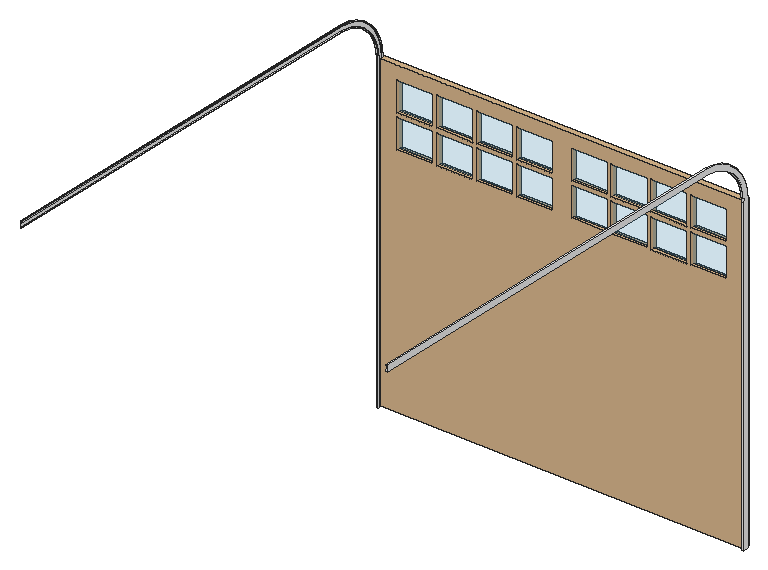
Revit family
Parameters (values of type "7Ft H x 8Ft W")
  Track Width = Width + 0' 2"  # 8' - 2"
  Track Height = Height + 1' 0"  # 8' - 0"
  Track Depth = 10' - 0"
  Track = Metal
  Thickness = 0' - 0"
  SmartBIM Object Version = 1  # constant formula
  SmartBIM Object Created By = "Reed Construction Data"  # constant formula
  Rough Height = 0' - 0"
  Panel Thickness = 0' - 1 1/2"
  Manufacturer = ""
  Height = 7' - 0"
  Wall Closure = (empty or 0)
  Width = 8' - 0"
  Door Glass = Glass
  Door = Wood
  Assembly Code = ""
  95 CSI = "08360"  # constant formula
  04 CSI = "08 36 13"  # constant formula
Types (2): name | Track Width | Track Depth | Thickness | Rough Height | Width
  7Ft H x 8Ft W | 8' - 2" | 10' - 0" | 0' - 0" | 0' - 0" | 8' - 0"
  7Ft H x 16Ft W | 16' - 2" | 8' - 0" | 0' - 4" | 0' - 4" | 16' - 0"
Reference planes (in)
  plane 1 "Center (Front/Back)": y = 0
  plane 2 "Center (Left/Right)": x = 0
  plane 3 "Left": x = -48
  plane 4 "Right": x = 48
  plane 5 "Top": z = 84
  plane 6: x = -49
  plane 7: x = 49
  plane 8: y = -2.5
  plane 9: z = 81
  plane 10: z = 63
  plane 11: x = -45
  plane 12: x = -34.25
  plane 13: x = -23.5
  plane 14: x = -2
  plane 15: x = -12.75
  plane 16: z = 72
  plane 17: x = 2
  plane 18: x = 45
  plane 19: x = 34.25
  plane 20: x = 23.5
  plane 21: x = 12.75
  plane 22: y = -2.5
  plane 23: y = -2.5
  plane 24 "Interior": y = -3.25
  plane 25 "Exterior": y = -1.75
  plane 26: y = -1.75
  plane 27: y = -3.25
  plane 28: y = -1.75
  plane 29: z = 34.5
  plane 30: z = 31.5
  plane 31: z = 33
  plane 32: z = 3
  plane 33: z = 62
  plane 34: z = 96
Forms (in)
  Extrusion 1, solid, material "Wood" <- "Door"
    sketch origin (0, 0, 0) x (1, 0, 0) y (0, 0, 1)
      loop
        line (-49, 84) -> (-49, 79.84334) -> (-49, 76.75) -> (-49, 62) -> (-49, 0) -> (49, 0) -> (49, 84) -> (-49, 84)
      loop
        line (-44.5, 80.5) -> (-44.5, 72.5) -> (-34.75, 72.5) -> (-34.75, 80.5) -> (-44.5, 80.5)
      loop
        line (-44.5, 63.5) -> (-34.75, 63.5) -> (-34.75, 71.5) -> (-44.5, 71.5) -> (-44.5, 63.5)
      loop
        line (-24, 80.5) -> (-33.75, 80.5) -> (-33.75, 72.5) -> (-24, 72.5) -> (-24, 80.5)
      loop
        line (-24, 63.5) -> (-24, 71.5) -> (-33.75, 71.5) -> (-33.75, 63.5) -> (-24, 63.5)
      loop
        line (-23, 80.5) -> (-23, 72.5) -> (-13.25, 72.5) -> (-13.25, 80.5) -> (-23, 80.5)
      loop
        line (-23, 63.5) -> (-13.25, 63.5) -> (-13.25, 71.5) -> (-23, 71.5) -> (-23, 63.5)
      loop
        line (-2.5, 80.5) -> (-12.25, 80.5) -> (-12.25, 72.5) -> (-2.5, 72.5) -> (-2.5, 80.5)
      loop
        line (-2.5, 63.5) -> (-2.5, 71.5) -> (-12.25, 71.5) -> (-12.25, 63.5) -> (-2.5, 63.5)
      loop
        line (44.5, 80.5) -> (34.75, 80.5) -> (34.75, 72.5) -> (44.5, 72.5) -> (44.5, 80.5)
      loop
        line (44.5, 63.5) -> (44.5, 71.5) -> (34.75, 71.5) -> (34.75, 63.5) -> (44.5, 63.5)
      loop
        line (24, 80.5) -> (24, 72.5) -> (33.75, 72.5) -> (33.75, 80.5) -> (24, 80.5)
      loop
        line (24, 63.5) -> (33.75, 63.5) -> (33.75, 71.5) -> (24, 71.5) -> (24, 63.5)
      loop
        line (23, 80.5) -> (13.25, 80.5) -> (13.25, 72.5) -> (23, 72.5) -> (23, 80.5)
      loop
        line (23, 63.5) -> (23, 71.5) -> (13.25, 71.5) -> (13.25, 63.5) -> (23, 63.5)
      loop
        line (2.5, 80.5) -> (2.5, 72.5) -> (12.25, 72.5) -> (12.25, 80.5) -> (2.5, 80.5)
      loop
        line (2.5, 63.5) -> (12.25, 63.5) -> (12.25, 71.5) -> (2.5, 71.5) -> (2.5, 63.5)
    from 1.75 to 3.25
  Extrusion 2, solid, material "Glass" <- "Door Glass"
    sketch origin (0, 0, 0) x (1, 0, 0) y (0, 0, 1)
      loop
        line (44.5, 80.5) -> (34.75, 80.5) -> (34.75, 72.5) -> (44.5, 72.5) -> (44.5, 80.5)
      loop
        line (44.5, 71.5) -> (34.75, 71.5) -> (34.75, 63.5) -> (44.5, 63.5) -> (44.5, 71.5)
      loop
        line (33.75, 71.5) -> (24, 71.5) -> (24, 63.5) -> (33.75, 63.5) -> (33.75, 71.5)
      loop
        line (33.75, 80.5) -> (24, 80.5) -> (24, 72.5) -> (33.75, 72.5) -> (33.75, 80.5)
      loop
        line (23, 80.5) -> (13.25, 80.5) -> (13.25, 72.5) -> (23, 72.5) -> (23, 80.5)
      loop
        line (23, 71.5) -> (13.25, 71.5) -> (13.25, 63.5) -> (23, 63.5) -> (23, 71.5)
      loop
        line (12.25, 71.5) -> (2.5, 71.5) -> (2.5, 63.5) -> (12.25, 63.5) -> (12.25, 71.5)
      loop
        line (12.25, 80.5) -> (2.5, 80.5) -> (2.5, 72.5) -> (12.25, 72.5) -> (12.25, 80.5)
      loop
        line (-2.5, 80.5) -> (-12.25, 80.5) -> (-12.25, 72.5) -> (-2.5, 72.5) -> (-2.5, 80.5)
      loop
        line (-2.5, 71.5) -> (-12.25, 71.5) -> (-12.25, 63.5) -> (-2.5, 63.5) -> (-2.5, 71.5)
      loop
        line (-13.25, 80.5) -> (-23, 80.5) -> (-23, 72.5) -> (-13.25, 72.5) -> (-13.25, 80.5)
      loop
        line (-13.25, 71.5) -> (-23, 71.5) -> (-23, 63.5) -> (-13.25, 63.5) -> (-13.25, 71.5)
      loop
        line (-24, 71.5) -> (-33.75, 71.5) -> (-33.75, 63.5) -> (-24, 63.5) -> (-24, 71.5)
      loop
        line (-24, 80.5) -> (-33.75, 80.5) -> (-33.75, 72.5) -> (-24, 72.5) -> (-24, 80.5)
      loop
        line (-34.75, 80.5) -> (-44.5, 80.5) -> (-44.5, 72.5) -> (-34.75, 72.5) -> (-34.75, 80.5)
      loop
        line (-34.75, 71.5) -> (-44.5, 71.5) -> (-44.5, 63.5) -> (-34.75, 63.5) -> (-34.75, 71.5)
    from 2.375 to 2.625
Lines and regions (in)
  Opening 1
    outline origin (-90, -1.75, 0) x (1, 0, 0) y (0, 0, 1)
      loop
        line (42, 0) -> (138, 0) -> (138, 84) -> (42, 84) -> (42, 0)
  model lines
    curve 1: line (44.5, -3.25, 3) -> (44.5, -3.25, 31.5)
    curve 2: line (34.75, -3.25, 3) -> (44.5, -3.25, 3)
    curve 3: line (34.75, -3.25, 62) -> (34.75, -3.25, 34.5)
    curve 4: line (34.75, -3.25, 63.5) -> (44.5, -3.25, 63.5)
    curve 5: line (34.75, -3.25, 71.5) -> (34.75, -3.25, 63.5)
    curve 6: line (44.5, -3.25, 71.5) -> (34.75, -3.25, 71.5)
    curve 7: line (34.75, -3.25, 72.5) -> (44.5, -3.25, 72.5)
    curve 8: line (34.75, -3.25, 80.5) -> (34.75, -3.25, 72.5)
    curve 9: line (44.5, -3.25, 80.5) -> (34.75, -3.25, 80.5)
    curve 10: line (33.75, -3.25, 80.5) -> (24, -3.25, 80.5)
    curve 11: line (33.75, -3.25, 72.5) -> (33.75, -3.25, 80.5)
    curve 12: line (24, -3.25, 72.5) -> (33.75, -3.25, 72.5)
    curve 13: line (24, -3.25, 80.5) -> (24, -3.25, 72.5)
    curve 14: line (33.75, -3.25, 71.5) -> (24, -3.25, 71.5)
    curve 15: line (33.75, -3.25, 63.5) -> (33.75, -3.25, 71.5)
    curve 16: line (24, -3.25, 63.5) -> (33.75, -3.25, 63.5)
    curve 17: line (24, -3.25, 71.5) -> (24, -3.25, 63.5)
    curve 18: line (33.75, -3.25, 3) -> (33.75, -3.25, 31.5)
    curve 19: line (24, -3.25, 62) -> (24, -3.25, 34.5)
    curve 20: line (24, -3.25, 3) -> (33.75, -3.25, 3)
    curve 21: line (13.25, -3.25, 3) -> (23, -3.25, 3)
    curve 22: line (23, -3.25, 3) -> (23, -3.25, 31.5)
    curve 23: line (13.25, -3.25, 62) -> (13.25, -3.25, 34.5)
    curve 24: line (13.25, -3.25, 63.5) -> (23, -3.25, 63.5)
    curve 25: line (23, -3.25, 63.5) -> (23, -3.25, 71.5)
    curve 26: line (23, -3.25, 71.5) -> (13.25, -3.25, 71.5)
    curve 27: line (13.25, -3.25, 71.5) -> (13.25, -3.25, 63.5)
    curve 28: line (13.25, -3.25, 72.5) -> (23, -3.25, 72.5)
    curve 29: line (23, -3.25, 72.5) -> (23, -3.25, 80.5)
    curve 30: line (23, -3.25, 80.5) -> (13.25, -3.25, 80.5)
    curve 31: line (45, -3.25, 81) -> (12.743, -3.25, 81)
    curve 32: line (13.25, -3.25, 80.5) -> (13.25, -3.25, 72.5)
    curve 33: line (12.743, -3.25, 81) -> (2, -3.25, 81)
    curve 34: line (12.25, -3.25, 80.5) -> (2.5, -3.25, 80.5)
    curve 35: line (12.25, -3.25, 72.5) -> (12.25, -3.25, 80.5)
    curve 36: line (2.5, -3.25, 80.5) -> (2.5, -3.25, 72.5)
    curve 37: line (2, -3.25, 63) -> (2, -3.25, 81)
    curve 38: line (2.5, -3.25, 71.5) -> (2.5, -3.25, 63.5)
    curve 39: line (2.5, -3.25, 72.5) -> (12.25, -3.25, 72.5)
    curve 40: line (12.25, -3.25, 71.5) -> (2.5, -3.25, 71.5)
    curve 41: line (12.25, -3.25, 63.5) -> (12.25, -3.25, 71.5)
    curve 42: line (2.5, -3.25, 63.5) -> (12.25, -3.25, 63.5)
    curve 43: line (45, -3.25, 63) -> (2, -3.25, 63)
    curve 44: line (12.25, -3.25, 3) -> (12.25, -3.25, 31.5)
    curve 45: line (2, -3.25, 3) -> (2, -3.25, 31.5)
    curve 46: line (2, -3.25, 3) -> (12.25, -3.25, 3)
    curve 47: line (-12.25, -3.25, 3) -> (-2, -3.25, 3)
    curve 48: line (-2, -3.25, 3) -> (-2, -3.25, 31.5)
    curve 49: line (-12.25, -3.25, 80.5) -> (-12.25, -3.25, 63.5)
    curve 50: line (-12.25, -3.25, 63.5) -> (-2.5, -3.25, 63.5)
    curve 51: line (-2.5, -3.25, 63.5) -> (-2.5, -3.25, 71.5)
    curve 52: line (-2, -3.25, 81) -> (-2, -3.25, 63)
    curve 53: line (-2.5, -3.25, 71.5) -> (-12.25, -3.25, 71.5)
    curve 54: line (-12.25, -3.25, 72.5) -> (-2.5, -3.25, 72.5)
    curve 55: line (-2.5, -3.25, 72.5) -> (-2.5, -3.25, 80.5)
    curve 56: line (-2.5, -3.25, 80.5) -> (-12.25, -3.25, 80.5)
    curve 57: line (-13.25, -3.25, 80.5) -> (-23, -3.25, 80.5)
    curve 58: line (-13.25, -3.25, 72.5) -> (-13.25, -3.25, 80.5)
    curve 59: line (-23, -3.25, 80.5) -> (-23, -3.25, 72.5)
    curve 60: line (-23, -3.25, 72.5) -> (-13.25, -3.25, 72.5)
    curve 61: line (-13.25, -3.25, 71.5) -> (-23, -3.25, 71.5)
    curve 62: line (-13.25, -3.25, 63.5) -> (-13.25, -3.25, 71.5)
    curve 63: line (-23, -3.25, 71.5) -> (-23, -3.25, 63.5)
    curve 64: line (-23, -3.25, 3) -> (-13.25, -3.25, 3)
    curve 65: line (-33.75, -3.25, 3) -> (-24, -3.25, 3)
    curve 66: line (-24, -3.25, 3) -> (-24, -3.25, 31.5)
    curve 67: line (-33.75, -3.25, 80.5) -> (-33.75, -3.25, 63.5)
    curve 68: line (-33.75, -3.25, 63.5) -> (-24, -3.25, 63.5)
    curve 69: line (-24, -3.25, 71.5) -> (-33.75, -3.25, 71.5)
    curve 70: line (-33.75, -3.25, 72.5) -> (-24, -3.25, 72.5)
    curve 71: line (-24, -3.25, 80.5) -> (-33.75, -3.25, 80.5)
    curve 72: line (-2, -3.25, 81) -> (-45, -3.25, 81)
    curve 73: line (-34.75, -3.25, 80.5) -> (-44.5, -3.25, 80.5)
    curve 74: line (-34.75, -3.25, 72.5) -> (-34.75, -3.25, 80.5)
    curve 75: line (-44.5, -3.25, 80.5) -> (-44.5, -3.25, 72.5)
    curve 76: line (-44.5, -3.25, 72.5) -> (-34.75, -3.25, 72.5)
    curve 77: line (-34.75, -3.25, 71.5) -> (-44.5, -3.25, 71.5)
    curve 78: line (-34.75, -3.25, 63.5) -> (-34.75, -3.25, 71.5)
    curve 79: line (-44.5, -3.25, 71.5) -> (-44.5, -3.25, 63.5)
    curve 80: line (-44.5, -3.25, 63.5) -> (-34.75, -3.25, 63.5)
    curve 81: line (-45, -3.25, 63) -> (-2, -3.25, 63)
    curve 82: line (-45, -3.25, 3) -> (-34.75, -3.25, 3)
    curve 83: line (-48, -3.25, 84) -> (49, -3.25, 84)
    curve 84: line (48, -3.25, 0) -> (-48, -3.25, 0)
    curve 85: line (-45, -3.25, 81) -> (-45, -3.25, 63)
    curve 86: line (-34.75, -3.25, 80.5) -> (-34.75, -3.25, 63.5)
    curve 87: line (-23, -3.25, 3) -> (-23, -3.25, 31.5)
    curve 88: line (-13.25, -3.25, 80.5) -> (-13.25, -3.25, 63.5)
    curve 89: line (48, -1.75, 0) -> (48, -1.75, 84)
    curve 90: line (-49, -1.75, 84) -> (49, -1.75, 84)
    curve 91: line (-48, -1.75, 84) -> (-48, -1.75, 0)
    curve 92: line (-34.75, -1.75, 80.5) -> (-44.5, -1.75, 80.5)
    curve 93: line (-44.5, -1.75, 80.5) -> (-44.5, -1.75, 72.5)
    curve 94: line (-44.5, -1.75, 72.5) -> (-34.75, -1.75, 72.5)
    curve 95: line (-34.75, -1.75, 72.5) -> (-34.75, -1.75, 80.5)
    curve 96: line (-34.75, -1.75, 71.5) -> (-44.5, -1.75, 71.5)
    curve 97: line (-44.5, -1.75, 71.5) -> (-44.5, -1.75, 63.5)
    curve 98: line (-44.5, -1.75, 63.5) -> (-34.75, -1.75, 63.5)
    curve 99: line (-34.75, -1.75, 63.5) -> (-34.75, -1.75, 71.5)
    curve 100: line (-45, -1.75, 3) -> (-34.75, -1.75, 3)
    curve 101: line (-33.75, -1.75, 80.5) -> (-33.75, -1.75, 72.5)
    curve 102: line (-33.75, -1.75, 3) -> (-24, -1.75, 3)
    curve 103: line (-24, -1.75, 3) -> (-24, -1.75, 31.5)
    curve 104: line (-33.75, -1.75, 63.5) -> (-24, -1.75, 63.5)
    curve 105: line (-24, -1.75, 71.5) -> (-33.75, -1.75, 71.5)
    curve 106: line (-33.75, -1.75, 72.5) -> (-24, -1.75, 72.5)
    curve 107: line (-24, -1.75, 80.5) -> (-33.75, -1.75, 80.5)
    curve 108: line (-13.25, -1.75, 80.5) -> (-23, -1.75, 80.5)
    curve 109: line (-23, -1.75, 80.5) -> (-23, -1.75, 72.5)
    curve 110: line (-23, -1.75, 72.5) -> (-13.25, -1.75, 72.5)
    curve 111: line (-13.25, -1.75, 72.5) -> (-13.25, -1.75, 80.5)
    curve 112: line (-13.25, -1.75, 71.5) -> (-23, -1.75, 71.5)
    curve 113: line (-23, -1.75, 71.5) -> (-23, -1.75, 63.5)
    curve 114: line (-23, -1.75, 63.5) -> (-13.25, -1.75, 63.5)
    curve 115: line (-13.25, -1.75, 63.5) -> (-13.25, -1.75, 71.5)
    curve 116: line (-23, -1.75, 3) -> (-13.25, -1.75, 3)
    curve 117: line (-12.25, -1.75, 3) -> (-2, -1.75, 3)
    curve 118: line (-12.25, -1.75, 80.5) -> (-12.25, -1.75, 72.5)
    curve 119: line (-2, -1.75, 3) -> (-2, -1.75, 31.5)
    curve 120: line (-45, -1.75, 63) -> (-2, -1.75, 63)
    curve 121: line (-12.25, -1.75, 63.5) -> (-2.5, -1.75, 63.5)
    curve 122: line (-2.5, -1.75, 63.5) -> (-2.5, -1.75, 71.5)
    curve 123: line (-2.5, -1.75, 71.5) -> (-12.25, -1.75, 71.5)
    curve 124: line (-12.25, -1.75, 72.5) -> (-2.5, -1.75, 72.5)
    curve 125: line (-2.5, -1.75, 72.5) -> (-2.5, -1.75, 80.5)
    curve 126: line (-2.5, -1.75, 80.5) -> (-12.25, -1.75, 80.5)
    curve 127: line (-2, -1.75, 81) -> (-45, -1.75, 81)
    curve 128: line (-2, -1.75, 81) -> (-2, -1.75, 63)
    curve 129: line (2, -1.75, 3) -> (2, -1.75, 31.5)
    curve 130: line (2, -1.75, 63) -> (45, -1.75, 63)
    curve 131: line (12.25, -1.75, 62) -> (12.25, -1.75, 34.5)
    curve 132: line (12.25, -1.75, 3) -> (2, -1.75, 3)
    curve 133: line (12.25, -1.75, 71.5) -> (2.5, -1.75, 71.5)
    curve 134: line (2.5, -1.75, 71.5) -> (2.5, -1.75, 63.5)
    curve 135: line (2.5, -1.75, 63.5) -> (12.25, -1.75, 63.5)
    curve 136: line (12.25, -1.75, 63.5) -> (12.25, -1.75, 71.5)
    curve 137: line (2.5, -1.75, 72.5) -> (12.25, -1.75, 72.5)
    curve 138: line (12.25, -1.75, 72.5) -> (12.25, -1.75, 80.5)
    curve 139: line (12.25, -1.75, 80.5) -> (2.5, -1.75, 80.5)
    curve 140: line (2.5, -1.75, 80.5) -> (2.5, -1.75, 72.5)
    curve 141: line (45, -1.75, 81) -> (2, -1.75, 81)
    curve 142: line (23, -1.75, 72.5) -> (23, -1.75, 80.5)
    curve 143: line (23, -1.75, 80.5) -> (13.25, -1.75, 80.5)
    curve 144: line (13.25, -1.75, 80.5) -> (13.25, -1.75, 72.5)
    curve 145: line (13.25, -1.75, 72.5) -> (23, -1.75, 72.5)
    curve 146: line (23, -1.75, 63.5) -> (23, -1.75, 71.5)
    curve 147: line (23, -1.75, 71.5) -> (13.25, -1.75, 71.5)
    curve 148: line (13.25, -1.75, 71.5) -> (13.25, -1.75, 63.5)
    curve 149: line (13.25, -1.75, 63.5) -> (23, -1.75, 63.5)
    curve 150: line (23, -1.75, 3) -> (23, -1.75, 31.5)
    curve 151: line (13.25, -1.75, 62) -> (13.25, -1.75, 34.5)
    curve 152: line (13.25, -1.75, 3) -> (23, -1.75, 3)
    curve 153: line (24, -1.75, 3) -> (33.75, -1.75, 3)
    curve 154: line (33.75, -1.75, 3) -> (33.75, -1.75, 31.5)
    curve 155: line (24, -1.75, 62) -> (24, -1.75, 34.5)
    curve 156: line (34.75, -1.75, 3) -> (44.5, -1.75, 3)
    curve 157: line (34.75, -1.75, 62) -> (34.75, -1.75, 34.5)
    curve 158: line (33.75, -1.75, 71.5) -> (24, -1.75, 71.5)
    curve 159: line (24, -1.75, 71.5) -> (24, -1.75, 63.5)
    curve 160: line (24, -1.75, 63.5) -> (33.75, -1.75, 63.5)
    curve 161: line (33.75, -1.75, 63.5) -> (33.75, -1.75, 71.5)
    curve 162: line (33.75, -1.75, 72.5) -> (33.75, -1.75, 80.5)
    curve 163: line (33.75, -1.75, 80.5) -> (24, -1.75, 80.5)
    curve 164: line (24, -1.75, 80.5) -> (24, -1.75, 72.5)
    curve 165: line (24, -1.75, 72.5) -> (33.75, -1.75, 72.5)
    curve 166: line (44.5, -1.75, 80.5) -> (34.75, -1.75, 80.5)
    curve 167: line (34.75, -1.75, 80.5) -> (34.75, -1.75, 72.5)
    curve 168: line (34.75, -1.75, 72.5) -> (44.5, -1.75, 72.5)
    curve 169: line (44.5, -1.75, 71.5) -> (34.75, -1.75, 71.5)
    curve 170: line (34.75, -1.75, 71.5) -> (34.75, -1.75, 63.5)
    curve 171: line (34.75, -1.75, 63.5) -> (44.5, -1.75, 63.5)
    curve 172: line (-13.25, -1.75, 80.5) -> (-13.25, -1.75, 72.5)
    curve 173: line (-23, -3.25, 3) -> (-23, -3.25, 31.5)
    curve 174: line (-23, -1.75, 3) -> (-23, -1.75, 31.5)
    curve 175: line (-34.75, -1.75, 80.5) -> (-34.75, -1.75, 72.5)
    curve 176: line (-45, -1.75, 3) -> (-45, -1.75, 31.5)
    curve 177: line (-12.25, -1.75, 71.5) -> (-12.25, -1.75, 63.5)
    curve 178: line (-13.25, -1.75, 71.5) -> (-13.25, -1.75, 63.5)
    curve 179: line (44.5, -1.75, 3) -> (44.5, -1.75, 31.5)
    curve 180: line (-12.25, -1.75, 62) -> (-12.25, -1.75, 34.5)
    curve 181: line (-13.25, -1.75, 62) -> (-13.25, -1.75, 34.5)
    curve 182: line (-23, -1.75, 63.5) -> (-23, -1.75, 71.5)
    curve 183: line (-24, -1.75, 63.5) -> (-24, -1.75, 71.5)
    curve 184: line (-33.75, -1.75, 62) -> (-33.75, -1.75, 34.5)
    curve 185: line (-34.75, -1.75, 62) -> (-34.75, -1.75, 34.5)
    curve 186: line (-23, -1.75, 72.5) -> (-23, -1.75, 80.5)
    curve 187: line (-24, -1.75, 72.5) -> (-24, -1.75, 80.5)
    curve 188: line (-33.75, -1.75, 71.5) -> (-33.75, -1.75, 63.5)
    curve 189: line (-34.75, -1.75, 71.5) -> (-34.75, -1.75, 63.5)
    curve 190: line (44.5, -1.75, 34.5) -> (34.75, -1.75, 34.5)
    curve 191: line (-45, -1.75, 31.5) -> (-34.75, -1.75, 31.5)
    curve 192: line (34.75, -1.75, 31.5) -> (34.75, -1.75, 3)
    curve 193: line (33.75, -1.75, 34.5) -> (33.75, -1.75, 62)
    curve 194: line (33.75, -1.75, 34.5) -> (24, -1.75, 34.5)
    curve 195: line (34.75, -1.75, 31.5) -> (44.5, -1.75, 31.5)
    curve 196: line (24, -1.75, 31.5) -> (33.75, -1.75, 31.5)
    curve 197: line (24, -1.75, 31.5) -> (24, -1.75, 3)
    curve 198: line (23, -1.75, 34.5) -> (23, -1.75, 62)
    curve 199: line (23, -1.75, 34.5) -> (13.25, -1.75, 34.5)
    curve 200: line (13.25, -1.75, 31.5) -> (13.25, -1.75, 3)
    curve 201: line (12.25, -1.75, 31.5) -> (12.25, -1.75, 3)
    curve 202: line (12.25, -1.75, 34.5) -> (2, -1.75, 34.5)
    curve 203: line (13.25, -1.75, 31.5) -> (23, -1.75, 31.5)
    curve 204: line (-2, -1.75, 34.5) -> (-12.25, -1.75, 34.5)
    curve 205: line (2, -1.75, 34.5) -> (2, -1.75, 62)
    curve 206: line (2, -1.75, 31.5) -> (12.25, -1.75, 31.5)
    curve 207: line (-2, -1.75, 34.5) -> (-2, -1.75, 62)
    curve 208: line (-12.25, -1.75, 31.5) -> (-12.25, -1.75, 3)
    curve 209: line (-13.25, -1.75, 31.5) -> (-13.25, -1.75, 3)
    curve 210: line (-13.25, -1.75, 34.5) -> (-23, -1.75, 34.5)
    curve 211: line (-12.25, -1.75, 31.5) -> (-2, -1.75, 31.5)
    curve 212: line (-23, -1.75, 34.5) -> (-23, -1.75, 62)
    curve 213: line (-24, -1.75, 34.5) -> (-24, -1.75, 62)
    curve 214: line (-24, -1.75, 34.5) -> (-33.75, -1.75, 34.5)
    curve 215: line (-23, -1.75, 31.5) -> (-13.25, -1.75, 31.5)
    curve 216: line (-34.75, -1.75, 34.5) -> (-45, -1.75, 34.5)
    curve 217: line (-33.75, -1.75, 31.5) -> (-24, -1.75, 31.5)
    curve 218: line (-33.75, -1.75, 31.5) -> (-33.75, -1.75, 3)
    curve 219: line (-34.75, -1.75, 31.5) -> (-34.75, -1.75, 3)
    curve 220: line (-45, -1.75, 34.5) -> (-45, -1.75, 62)
    curve 221: line (44.5, -1.75, 34.5) -> (44.5, -1.75, 62)
    curve 222: line (-45, -3.25, 34.5) -> (-34.75, -3.25, 34.5)
    curve 223: line (-45, -3.25, 31.5) -> (-34.75, -3.25, 31.5)
    curve 224: line (-45, -3.25, 31.5) -> (-45, -3.25, 3)
    curve 225: line (-34.75, -3.25, 31.5) -> (-34.75, -3.25, 3)
    curve 226: line (-33.75, -3.25, 34.5) -> (-24, -3.25, 34.5)
    curve 227: line (-33.75, -3.25, 31.5) -> (-24, -3.25, 31.5)
    curve 228: line (-33.75, -3.25, 31.5) -> (-33.75, -3.25, 3)
    curve 229: line (-13.25, -3.25, 31.5) -> (-13.25, -3.25, 3)
    curve 230: line (-12.25, -3.25, 31.5) -> (-12.25, -3.25, 3)
    curve 231: line (-23, -3.25, 35.87557) -> (-23, -3.25, 62)
    curve 232: line (-24, -3.25, 34.5) -> (-24, -3.25, 62)
    curve 233: line (-23, -3.25, 34.5) -> (-13.25, -3.25, 34.5)
    curve 234: line (-23, -3.25, 31.5) -> (-13.25, -3.25, 31.5)
    curve 235: line (-23, -3.25, 34.5) -> (-23, -3.25, 62)
    curve 236: line (-12.25, -3.25, 34.5) -> (-2, -3.25, 34.5)
    curve 237: line (-12.25, -3.25, 31.5) -> (-2, -3.25, 31.5)
    curve 238: line (2, -3.25, 34.5) -> (12.25, -3.25, 34.5)
    curve 239: line (2, -3.25, 31.5) -> (12.25, -3.25, 31.5)
    curve 240: line (-2, -3.25, 34.5) -> (-2, -3.25, 62)
    curve 241: line (2, -3.25, 34.5) -> (2, -3.25, 62)
    curve 242: line (13.25, -3.25, 34.5) -> (23, -3.25, 34.5)
    curve 243: line (13.25, -3.25, 31.5) -> (23, -3.25, 31.5)
    curve 244: line (12.25, -3.25, 34.5) -> (12.25, -3.25, 62)
    curve 245: line (13.25, -3.25, 31.5) -> (13.25, -3.25, 3)
    curve 246: line (24, -3.25, 34.5) -> (33.75, -3.25, 34.5)
    curve 247: line (24, -3.25, 31.5) -> (33.75, -3.25, 31.5)
    curve 248: line (23, -3.25, 34.5) -> (23, -3.25, 62)
    curve 249: line (24, -3.25, 31.5) -> (24, -3.25, 3)
    curve 250: line (33.75, -3.25, 34.5) -> (33.75, -3.25, 62)
    curve 251: line (34.75, -3.25, 31.5) -> (34.75, -3.25, 3)
    curve 252: line (34.75, -3.25, 31.5) -> (44.5, -3.25, 31.5)
    curve 253: line (34.75, -3.25, 34.5) -> (44.5, -3.25, 34.5)
    curve 254: line (44.5, -3.25, 34.5) -> (44.5, -3.25, 62)
    curve 255: line (44.5, -1.75, 62) -> (34.75, -1.75, 62)
    curve 256: line (23, -1.75, 62) -> (13.25, -1.75, 62)
    curve 257: line (12.25, -1.75, 62) -> (2, -1.75, 62)
    curve 258: line (-2, -1.75, 62) -> (-12.25, -1.75, 62)
    curve 259: line (-34.75, -1.75, 62) -> (-45, -1.75, 62)
    curve 260: line (-13.25, -1.75, 62) -> (-23, -1.75, 62)
    curve 261: line (-24, -1.75, 62) -> (-33.75, -1.75, 62)
    curve 262: line (33.75, -1.75, 62) -> (24, -1.75, 62)
    curve 263: line (-45, -1.75, 63) -> (-45, -1.75, 81)
    curve 264: line (45, -1.75, 63) -> (45, -1.75, 81)
    curve 265: line (2, -1.75, 63) -> (2, -1.75, 81)
    curve 266: line (-34.75, -3.25, 62) -> (-34.75, -3.25, 34.5)
    curve 267: line (-33.75, -3.25, 62) -> (-33.75, -3.25, 34.5)
    curve 268: line (-24, -3.25, 63.5) -> (-24, -3.25, 80.5)
    curve 269: line (-23, -3.25, 63.5) -> (-23, -3.25, 80.5)
    curve 270: line (-13.25, -3.25, 62) -> (-13.25, -3.25, 34.5)
    curve 271: line (-12.25, -3.25, 62) -> (-12.25, -3.25, 34.5)
    curve 272: line (-45, -3.25, 62) -> (-34.75, -3.25, 62)
    curve 273: line (-33.75, -3.25, 62) -> (-24, -3.25, 62)
    curve 274: line (-23, -3.25, 62) -> (-13.25, -3.25, 62)
    curve 275: line (-12.25, -3.25, 62) -> (-2, -3.25, 62)
    curve 276: line (2, -3.25, 62) -> (12.25, -3.25, 62)
    curve 277: line (13.25, -3.25, 62) -> (23, -3.25, 62)
    curve 278: line (24, -3.25, 62) -> (33.75, -3.25, 62)
    curve 279: line (34.75, -3.25, 62) -> (44.5, -3.25, 62)
    curve 280: line (45, -3.25, 63) -> (45, -3.25, 81)
    curve 281: line (44.5, -3.25, 63.5) -> (44.5, -3.25, 80.5)
    curve 282: line (-23, -3.25, 63.5) -> (-23, -3.25, 80.5)
    curve 283: line (-45, -3.25, 62) -> (-45, -3.25, 34.5)
Text (in)
  text "Exterior" at (-74.96733, 27.31104, 0), in view "Ref. Level"
  text "Interior" at (-76.69036, -30.31274, 0), in view "Ref. Level"
  text "Exterior" at (0, 40.15149, 123.01588), in view "Right"
  text "Interior" at (0, -64.39139, 123.01588), in view "Right"
  text "Interior" at (0, -31.01599, 123.00693), in view "Left"
  text "Exterior" at (0, 54.57065, 123.00693), in view "Left"
Dimensions and locks (in)
  equal spacing: plane 3 "Left", plane 2 "Center (Left/Right)", plane 4 "Right"
  "Height": level to plane 5 "Top"
  "Width": plane 3 "Left" to plane 4 "Right"
  locked: plane 6 to plane 3 "Left" at 1
  locked: plane 4 "Right" to plane 7 at 1
  "Panel Thickness": Extrusion 1 to Extrusion 1
  locked: plane 9 to plane 5 "Top" at 3
  locked: plane 10 to plane 9 at 18
  locked: plane 3 "Left" to plane 11 at 3
  locked: plane 2 "Center (Left/Right)" to plane 14 at 2
  equal spacing: plane 14, plane 15, plane 13, plane 12, plane 11
  equal spacing: plane 9, plane 16, plane 10
  locked: plane 9 to Extrusion 1 sketch curve at 0.5  (x8)
  locked: Extrusion 1 sketch curve to plane 11 at 0.5  (x2)
  locked: Extrusion 1 sketch curve to plane 10 at 0.5  (x6)
  locked: plane 12 to Extrusion 1 sketch curve at 0.5  (x2)
  locked: Extrusion 1 sketch curve to plane 16 at 0.5  (x8)
  locked: plane 16 to Extrusion 1 sketch curve at 0.5  (x7)
  locked: plane 17 to plane 2 "Center (Left/Right)" at 2
  locked: plane 18 to plane 4 "Right" at 3
  equal spacing: plane 17, plane 21, plane 20, plane 19, plane 18
  locked: Extrusion 1 sketch curve to plane 18 at 0.5  (x2)
  locked: plane 19 to Extrusion 1 sketch curve at 0.5  (x2)
  locked: plane 20 to Extrusion 1 sketch curve at 0.5  (x2)
  locked: plane 21 to Extrusion 1 sketch curve at 0.5  (x2)
  locked: plane 17 to Extrusion 1 sketch curve at 0.5  (x2)
  locked: plane 14 to Extrusion 1 sketch curve at 0.5  (x2)
  locked: Extrusion 1 sketch curve to plane 15 at 0.5  (x2)
  locked: plane 15 to Extrusion 1 sketch curve at 0.5
  plane 15 to Extrusion 1 sketch curve = 0' - 0 1/2"
  locked: Extrusion 1 sketch curve to plane 13 at 0.5  (x2)
  locked: plane 13 to Extrusion 1 sketch curve at 0.5  (x2)
  locked: Extrusion 1 sketch curve to plane 12 at 0.5  (x2)
  plane 12 to Extrusion 1 sketch curve = 0' - 0 1/2"
  locked: Extrusion 1 sketch curve to plane 21 at 0.5  (x2)
  locked: Extrusion 1 sketch curve to plane 20 at 0.5  (x2)
  locked: Extrusion 1 sketch curve to plane 19 at 0.5  (x2)
  locked: Extrusion 2 to Extrusion 2 at 0.25
  plane 22 to Extrusion 1 = 0' - 0 3/4"
  locked: plane 23 to Extrusion 2 at 0.125
  locked: plane 12 to curve 225 at 0.5
  locked: curve 87 to plane 13 at 0.5
  locked: plane 15 to curve 229 at 0.5
  equal spacing: plane 25 "Exterior", plane 8, plane 27
  "Panel Thickness": plane 25 "Exterior" to plane 24 "Interior"
  locked: plane 10 to Extrusion 1 at 21
  equal spacing: plane 32, plane 31, plane 10
  locked: level to plane 32 at 3
  locked: plane 31 to plane 29 at 1.5
  locked: plane 30 to plane 31 at 1.5
  plane 32 to level = 0' - 3"
  locked: plane 33 to plane 10 at 1
  locked: plane 26 to host wall at 2
  locked: plane 5 "Top" to plane 34 at 12
  aligned and locked: plane 3 "Left" to Opening 1 sketch curve
  aligned and locked: plane 5 "Top" to Opening 1 sketch curve  (x2)
  aligned and locked: Opening 1 sketch curve to plane 4 "Right"
  aligned and locked: Opening 1 sketch curve to level
  aligned and locked: Extrusion 1 sketch curve to plane 6
  aligned and locked: Extrusion 1 sketch curve to plane 7
  aligned and locked: Extrusion 1 sketch curve to level
  aligned and locked: Extrusion 1 sketch curve to host wall
  aligned and locked: Extrusion 2 sketch curve to Extrusion 1  (x64)
  aligned and locked: plane 22 to plane 23
  aligned and locked: curve 4 to Extrusion 1
  aligned and locked: curve 5 to Extrusion 1
  aligned and locked: curve 6 to Extrusion 1
  aligned and locked: curve 7 to Extrusion 1
  aligned and locked: curve 8 to Extrusion 1
  aligned and locked: curve 9 to Extrusion 1
  aligned and locked: curve 10 to Extrusion 1
  aligned and locked: curve 11 to Extrusion 1
  aligned and locked: curve 12 to Extrusion 1
  aligned and locked: curve 13 to Extrusion 1
  aligned and locked: curve 14 to Extrusion 1
  aligned and locked: curve 15 to Extrusion 1
  aligned and locked: curve 16 to Extrusion 1
  aligned and locked: curve 17 to Extrusion 1
  aligned and locked: curve 24 to Extrusion 1
  aligned and locked: curve 25 to Extrusion 1
  aligned and locked: curve 26 to Extrusion 1
  aligned and locked: curve 27 to Extrusion 1
  aligned and locked: curve 28 to Extrusion 1
  aligned and locked: curve 29 to Extrusion 1
  aligned and locked: curve 30 to Extrusion 1
  aligned and locked: curve 32 to Extrusion 1
  aligned and locked: curve 34 to Extrusion 1
  aligned and locked: curve 35 to Extrusion 1
  aligned and locked: curve 36 to Extrusion 1
  aligned and locked: curve 38 to Extrusion 1
  aligned and locked: curve 39 to Extrusion 1
  aligned and locked: curve 40 to Extrusion 1
  aligned and locked: curve 41 to Extrusion 1
  aligned and locked: curve 42 to Extrusion 1
  aligned and locked: curve 50 to Extrusion 1
  aligned and locked: curve 51 to Extrusion 1
  aligned and locked: curve 53 to Extrusion 1
  aligned and locked: curve 54 to Extrusion 1
  aligned and locked: curve 55 to Extrusion 1
  aligned and locked: curve 56 to Extrusion 1
  aligned and locked: curve 57 to Extrusion 1
  aligned and locked: curve 58 to Extrusion 1
  aligned and locked: curve 59 to Extrusion 1
  aligned and locked: curve 60 to Extrusion 1
  aligned and locked: curve 61 to Extrusion 1
  aligned and locked: curve 62 to Extrusion 1
  aligned and locked: curve 63 to Extrusion 1
  aligned and locked: curve 68 to Extrusion 1
  aligned and locked: curve 69 to Extrusion 1
  aligned and locked: curve 70 to Extrusion 1
  aligned and locked: curve 71 to Extrusion 1
  aligned and locked: curve 73 to Extrusion 1
  aligned and locked: curve 74 to Extrusion 1
  aligned and locked: curve 75 to Extrusion 1
  aligned and locked: curve 76 to Extrusion 1
  aligned and locked: curve 77 to Extrusion 1
  aligned and locked: curve 78 to Extrusion 1
  aligned and locked: curve 79 to Extrusion 1
  aligned and locked: curve 80 to Extrusion 1
  aligned and locked: Extrusion 1 to curve 83
  aligned and locked: Extrusion 1 to curve 84
  aligned and locked: plane 11 to curve 85
  aligned and locked: curve 85 to curve 81
  aligned and locked: curve 89 to host wall
  aligned and locked: curve 90 to Extrusion 1
  aligned and locked: curve 91 to host wall
  aligned and locked: curve 92 to curve 73
  aligned and locked: curve 93 to curve 75
  aligned and locked: curve 94 to curve 76
  aligned and locked: curve 95 to curve 74
  aligned and locked: curve 96 to curve 77
  aligned and locked: curve 97 to curve 79
  aligned and locked: curve 98 to curve 80
  aligned and locked: curve 99 to curve 78
  aligned and locked: curve 100 to curve 82
  aligned and locked: curve 67 to curve 101
  aligned and locked: curve 102 to curve 65
  aligned and locked: curve 103 to curve 66
  aligned and locked: curve 104 to Extrusion 1
  aligned and locked: curve 105 to Extrusion 1
  aligned and locked: curve 106 to Extrusion 1
  aligned and locked: curve 107 to Extrusion 1
  aligned and locked: curve 108 to curve 57
  aligned and locked: curve 109 to curve 59
  aligned and locked: curve 110 to curve 60
  aligned and locked: curve 111 to curve 58
  aligned and locked: curve 112 to Extrusion 1
  aligned and locked: curve 113 to Extrusion 1
  aligned and locked: curve 114 to Extrusion 1
  aligned and locked: curve 115 to Extrusion 1
  aligned and locked: curve 116 to curve 64
  aligned and locked: curve 117 to curve 47
  aligned and locked: curve 49 to curve 118
  aligned and locked: curve 119 to curve 48
  aligned and locked: curve 121 to Extrusion 1
  aligned and locked: curve 122 to Extrusion 1
  aligned and locked: curve 123 to Extrusion 1
  aligned and locked: curve 124 to curve 54
  aligned and locked: curve 125 to curve 55
  aligned and locked: curve 126 to curve 56
  aligned and locked: curve 128 to curve 52
  aligned and locked: curve 129 to curve 45
  aligned and locked: curve 130 to curve 43
  aligned and locked: curve 131 to curve 244
  aligned and locked: curve 132 to curve 46
  aligned and locked: curve 133 to curve 40
  aligned and locked: curve 134 to curve 38
  aligned and locked: curve 135 to curve 42
  aligned and locked: curve 136 to curve 41
  aligned and locked: curve 137 to curve 39
  aligned and locked: curve 138 to curve 35
  aligned and locked: curve 139 to curve 34
  aligned and locked: curve 140 to curve 36
  aligned and locked: curve 141 to curve 31
  aligned and locked: curve 142 to curve 29
  aligned and locked: curve 143 to curve 30
  aligned and locked: curve 144 to curve 32
  aligned and locked: curve 145 to curve 28
  aligned and locked: curve 146 to curve 25
  aligned and locked: curve 147 to curve 26
  aligned and locked: curve 148 to curve 27
  aligned and locked: curve 149 to curve 24
  aligned and locked: curve 150 to curve 22
  aligned and locked: curve 23 to curve 151
  aligned and locked: curve 152 to curve 21
  aligned and locked: curve 153 to curve 20
  aligned and locked: curve 154 to curve 18
  aligned and locked: curve 19 to curve 155
  aligned and locked: curve 156 to curve 2
  aligned and locked: curve 3 to curve 157
  aligned and locked: curve 158 to curve 14
  aligned and locked: curve 159 to curve 17
  aligned and locked: curve 160 to curve 16
  aligned and locked: curve 161 to curve 15
  aligned and locked: curve 162 to curve 11
  aligned and locked: curve 163 to curve 10
  aligned and locked: curve 164 to curve 13
  aligned and locked: curve 165 to curve 12
  aligned and locked: curve 166 to curve 9
  aligned and locked: curve 167 to curve 8
  aligned and locked: curve 168 to curve 7
  aligned and locked: curve 169 to curve 6
  aligned and locked: curve 170 to curve 5
  aligned and locked: curve 171 to curve 4
  aligned and locked: curve 176 to plane 11
  aligned and locked: plane 24 "Interior" to curve 84
  aligned and locked: curve 82 to plane 24 "Interior"
  aligned and locked: curve 65 to plane 24 "Interior"
  aligned and locked: curve 64 to plane 24 "Interior"
  aligned and locked: curve 47 to plane 24 "Interior"
  aligned and locked: curve 46 to plane 24 "Interior"
  aligned and locked: curve 21 to plane 24 "Interior"
  aligned and locked: curve 20 to plane 24 "Interior"
  aligned and locked: curve 2 to plane 24 "Interior"
  aligned and locked: plane 22 to plane 8
  aligned and locked: plane 25 "Exterior" to host wall
  aligned and locked: host wall to curve 156
  aligned and locked: host wall to curve 153
  aligned and locked: host wall to curve 152
  aligned and locked: curve 132 to host wall
  aligned and locked: host wall to curve 117
  aligned and locked: host wall to curve 116
  aligned and locked: host wall to curve 100
  aligned and locked: plane 24 "Interior" to plane 27
  aligned and locked: plane 28 to plane 26
  aligned and locked: Extrusion 1 to plane 27
  aligned and locked: Extrusion 1 to curve 100
  aligned and locked: curve 179 to curve 221
  aligned and locked: plane 29 to curve 190
  aligned and locked: plane 30 to curve 195
  aligned and locked: curve 194 to plane 29
  aligned and locked: curve 199 to plane 29
  aligned and locked: curve 202 to plane 29
  aligned and locked: curve 204 to plane 29
  aligned and locked: curve 210 to plane 29
  aligned and locked: curve 214 to plane 29
  aligned and locked: curve 216 to plane 29
  aligned and locked: plane 30 to curve 191
  aligned and locked: plane 30 to curve 217
  aligned and locked: plane 30 to curve 215
  aligned and locked: plane 30 to curve 211
  aligned and locked: plane 30 to curve 206
  aligned and locked: plane 30 to curve 203
  aligned and locked: plane 30 to curve 196
  aligned and locked: plane 29 to curve 222
  aligned and locked: plane 30 to curve 223
  aligned and locked: plane 29 to curve 226
  aligned and locked: plane 30 to curve 227
  aligned and locked: curve 255 to plane 33
  aligned and locked: curve 263 to plane 11
  aligned and locked: plane 17 to curve 265
  aligned and locked: curve 273 to curve 261
  aligned and locked: curve 231 to curve 274
  aligned and locked: curve 274 to curve 260
  aligned and locked: curve 275 to curve 258
  aligned and locked: curve 241 to curve 276
  aligned and locked: curve 276 to curve 257
  aligned and locked: curve 277 to curve 256
  aligned and locked: curve 278 to curve 262
  aligned and locked: curve 280 to curve 264
  aligned and locked: plane 18 to curve 31
  aligned and locked: nested 1 to plane 27
Automatic sketch dimensions
  Extrusion 1 sketch curve to plane 15 = 0' - 0 1/2"
  Extrusion 1 sketch curve to plane 10 = 0' - 1"
  plane 10 to Extrusion 1 sketch curve = 0' - 0 1/2"  (x2)
  Extrusion 1 sketch curve to plane 16 = 0' - 0 1/2"
  Extrusion 1 sketch curve to plane 9 = 0' - 4 1/4"
  Extrusion 1 sketch curve to plane 9 = 0' - 1.15666"
  curve 90 to plane 5 "Top" = 0' - 0"
  curve 90 to plane 7 = 0' - 0"
  curve 89 to plane 4 "Right" = 0' - 0"
  curve 257 to plane 17 = 0' - 0"
  curve 207 to plane 14 = 0' - 0"
  curve 185 to plane 33 = 0' - 0"
  curve 220 to plane 11 = 0' - 0"
  curve 91 to plane 3 "Left" = 0' - 0"
  curve 90 to plane 6 = 0' - 0"
  plane 18 to curve 168 = 0' - 0 1/2"
  plane 18 to curve 171 = 0' - 0 1/2"
  plane 18 to curve 255 = 0' - 0 1/2"
  plane 18 to curve 169 = 0' - 0 1/2"
  plane 18 to curve 166 = 0' - 0 1/2"
  curve 192 to plane 19 = 0' - 0 1/2"
  plane 19 to curve 262 = 0' - 0 1/2"
  curve 196 to plane 20 = 0' - 0 1/2"
  plane 20 to curve 198 = 0' - 0 1/2"
  curve 200 to plane 21 = 0' - 0 1/2"
  plane 21 to curve 206 = 0' - 0 1/2"
  plane 15 to curve 204 = 0' - 0 1/2"
  plane 15 to curve 208 = 0' - 0 1/2"
  plane 15 to curve 121 = 0' - 0 1/2"
  curve 260 to plane 15 = 0' - 0 1/2"
  curve 116 to plane 15 = 0' - 0 1/2"
  plane 13 to curve 174 = 0' - 0 1/2"
  plane 13 to curve 212 = 0' - 0 1/2"
  curve 213 to plane 13 = 0' - 0 1/2"
  curve 107 to plane 13 = 0' - 0 1/2"
  curve 105 to plane 13 = 0' - 0 1/2"
  plane 12 to curve 214 = 0' - 0 1/2"
  plane 12 to curve 218 = 0' - 0 1/2"
  plane 12 to curve 105 = 0' - 0 1/2"
  curve 191 to plane 12 = 0' - 0 1/2"
  curve 185 to plane 12 = 0' - 0 1/2"
  curve 120 to plane 10 = 0' - 0"
  curve 128 to plane 9 = 0' - 0"
  curve 83 to plane 7 = 0' - 0"
  curve 84 to plane 4 "Right" = 0' - 0"
  curve 279 to plane 33 = 0' - 0"
  curve 253 to plane 29 = 0' - 0"
  curve 2 to plane 32 = 0' - 0"
  curve 1 to plane 30 = 0' - 0"
  curve 18 to plane 32 = 0' - 0"
  curve 278 to plane 33 = 0' - 0"
  curve 246 to plane 29 = 0' - 0"
  curve 247 to plane 30 = 0' - 0"
  curve 21 to plane 32 = 0' - 0"
  curve 22 to plane 30 = 0' - 0"
  curve 277 to plane 33 = 0' - 0"
  curve 242 to plane 29 = 0' - 0"
  curve 33 to plane 9 = 0' - 0"
  curve 46 to plane 32 = 0' - 0"
  curve 44 to plane 30 = 0' - 0"
  curve 244 to plane 29 = 0' - 0"
  curve 244 to plane 33 = 0' - 0"
  curve 238 to plane 17 = 0' - 0"
  curve 239 to plane 17 = 0' - 0"
  curve 47 to plane 14 = 0' - 0"
  curve 275 to plane 33 = 0' - 0"
  curve 271 to plane 29 = 0' - 0"
  curve 237 to plane 30 = 0' - 0"
  curve 47 to plane 32 = 0' - 0"
  curve 270 to plane 29 = 0' - 0"
  curve 274 to plane 33 = 0' - 0"
  curve 65 to plane 32 = 0' - 0"
  curve 232 to plane 33 = 0' - 0"
  curve 72 to plane 9 = 0' - 0"
  curve 266 to plane 33 = 0' - 0"
  curve 224 to plane 11 = 0' - 0"
  curve 83 to plane 3 "Left" = 0' - 0"
  curve 84 to plane 3 "Left" = 0' - 0"
  curve 64 to plane 32 = 0' - 0"
  curve 82 to plane 32 = 0' - 0"
  curve 229 to plane 30 = 0' - 0"
  plane 18 to curve 279 = 0' - 0 1/2"
  plane 18 to curve 4 = 0' - 0 1/2"
  plane 18 to curve 2 = 0' - 0 1/2"
  curve 3 to plane 19 = 0' - 0 1/2"
  curve 251 to plane 19 = 0' - 0 1/2"
  plane 19 to curve 18 = 0' - 0 1/2"
  plane 19 to curve 278 = 0' - 0 1/2"
  curve 249 to plane 20 = 0' - 0 1/2"
  curve 246 to plane 20 = 0' - 0 1/2"
  plane 20 to curve 21 = 0' - 0 1/2"
  plane 20 to curve 277 = 0' - 0 1/2"
  curve 242 to plane 21 = 0' - 0 1/2"
  curve 243 to plane 21 = 0' - 0 1/2"
  plane 21 to curve 33 = 0' - 0.007"
  plane 21 to curve 46 = 0' - 0 1/2"
  plane 21 to curve 244 = 0' - 0 1/2"
  plane 15 to curve 275 = 0' - 0 1/2"
  plane 15 to curve 237 = 0' - 0 1/2"
  curve 270 to plane 15 = 0' - 0 1/2"
  plane 13 to curve 231 = 0' - 0 1/2"
  curve 65 to plane 13 = 0' - 0 1/2"
  curve 232 to plane 13 = 0' - 0 1/2"
  curve 68 to plane 13 = 0' - 0 1/2"
  plane 12 to curve 267 = 0' - 0 1/2"
  plane 12 to curve 71 = 0' - 0 1/2"
  plane 12 to curve 65 = 0' - 0 1/2"
  curve 266 to plane 12 = 0' - 0 1/2"
  curve 233 to curve 231 = 0' - 1.37557"
  plane 10 to curve 88 = 0' - 0 1/2"
  plane 10 to curve 62 = 0' - 0 1/2"
  plane 10 to curve 282 = 0' - 0 1/2"
  curve 63 to curve 282 = 0' - 0"
  plane 15 to curve 49 = 0' - 0 1/2"
  curve 85 to plane 10 = 0' - 0"
  curve 222 to plane 11 = 0' - 0"
  curve 37 to plane 10 = 0' - 0"
  curve 37 to plane 17 = 0' - 0"
  curve 275 to plane 14 = 0' - 0"
  curve 52 to plane 14 = 0' - 0"
  curve 91 to level = 0' - 0"
  curve 89 to level = 0' - 0"
Nested families (in)
  nested 1: "Door Track" at (0.5, -64, 0) x (-1, 0, 0) z (0, 0, 1), Width <- "Track Width", Height <- "Track Height", Depth <- "Track Depth", type "Door Track"
    with Width 8' - 2", Height 8' - 0", Depth 10' - 0"
Definition of nested family "Door Track"
  Parameters
    Width [instance] = 10' - 0"
    Track = Metal
    Height [instance] = 11' - 0"
    Depth [instance] = 8' - 0"
  Reference planes (in)
    plane 1 "Center (Front/Back)": y = 0
    plane 2: z = 0
    plane 3 "Center (Left/Right)": x = 0.5
    plane 4 "Back": y = 48
    plane 5 "Front": y = -48
    plane 6 "Left": x = -59.5
    plane 7 "Right": x = 60.5
    plane 8 "Top": z = 132
    plane 9 "Center (Up/Down)": z = 66
    plane 10: y = 48.75
    plane 11: y = 49.5
  Forms (in)
    Sweep 1, solid, material "Metal" <- "Track"
      path origin (60.5, 60, 48) x (0, 1, 0) y (0, 0, 1)
        loop
          line (-12, -48) -> (-12, 72)
          arc (-12, 72) -> (-15.51472, 80.48528) -> (-24, 84) r 12
          line (-24, 84) -> (-108, 84)
      profile origin (60.5, -6, 132) x (0, 0, -1) y (1, 0, 0)
        loop
          line (-1.5, 0) -> (-1.375, 0) -> (-1.375, 0.375) -> (-0.125, 0.375) -> (-0.125, 0) -> (0, 0) -> (0, 0.5) -> (-1.5, 0.5) -> (-1.5, 0)
    Sweep 2, solid, material "Metal" <- "Track"
      path origin (-59.5, 60, 48) x (0, 1, 0) y (0, 0, 1)
        loop
          line (-12, -48) -> (-12, 72)
          arc (-12, 72) -> (-15.51472, 80.48528) -> (-24, 84) r 12
          line (-24, 84) -> (-108, 84)
      profile origin (-59.5, -6, 132) x (0, 0, -1) y (1, 0, 0)
        loop
          line (-1.5, 0) -> (-1.5, -0.5) -> (0, -0.5) -> (0, 0) -> (-0.125, 0) -> (-0.125, -0.375) -> (-1.375, -0.375) -> (-1.375, 0) -> (-1.5, 0)
  Dimensions and locks (in)
    equal spacing: plane 6 "Left", plane 3 "Center (Left/Right)", plane 7 "Right"
    "Width": plane 6 "Left" to plane 7 "Right"
    equal spacing: plane 4 "Back", plane 1 "Center (Front/Back)", plane 5 "Front"
    "Depth": plane 4 "Back" to plane 5 "Front"
    "Height": plane 8 "Top" to plane 2
    equal spacing: plane 8 "Top", plane 9 "Center (Up/Down)", level
    locked: Sweep 2 sketch curve to Sweep 2 sketch curve at 0.125  (x3)
    locked: Sweep 2 sketch curve to Sweep 2 sketch curve at 0.5  (x2)
    locked: Sweep 2 sketch curve to Sweep 2 sketch curve at 1.5
    locked: Sweep 1 sketch curve to Sweep 1 sketch curve at 0.5  (x2)
    locked: Sweep 1 sketch curve to Sweep 1 sketch curve at 0.125  (x3)
    locked: Sweep 1 sketch curve to Sweep 1 sketch curve at 1.5
    equal spacing: plane 4 "Back", plane 10, plane 11
    locked: plane 10 to plane 11 at 0.75
    radius of Sweep 1 sketch curve = 1' - 0"
    radius of Sweep 2 sketch curve = 1' - 0"
    aligned and locked: plane 8 "Top" to Sweep 1 sketch curve  (x2)
    aligned and locked: plane 5 "Front" to Sweep 1 sketch curve
    aligned and locked: plane 4 "Back" to Sweep 1 sketch curve
    aligned and locked: plane 4 "Back" to Sweep 2 sketch curve
    aligned and locked: plane 5 "Front" to Sweep 2 sketch curve
    aligned and locked: level to Sweep 2 sketch curve
    aligned and locked: Sweep 2 sketch curve to profile plane  (x2)
    aligned and locked: Sweep 1 sketch curve to profile plane
    aligned and locked: plane 11 to Sweep 1
  Automatic sketch dimensions
    Sweep 1 sketch curve to level = 0' - 0"
    Sweep 2 sketch curve to plane 8 "Top" = 0' - 0"
